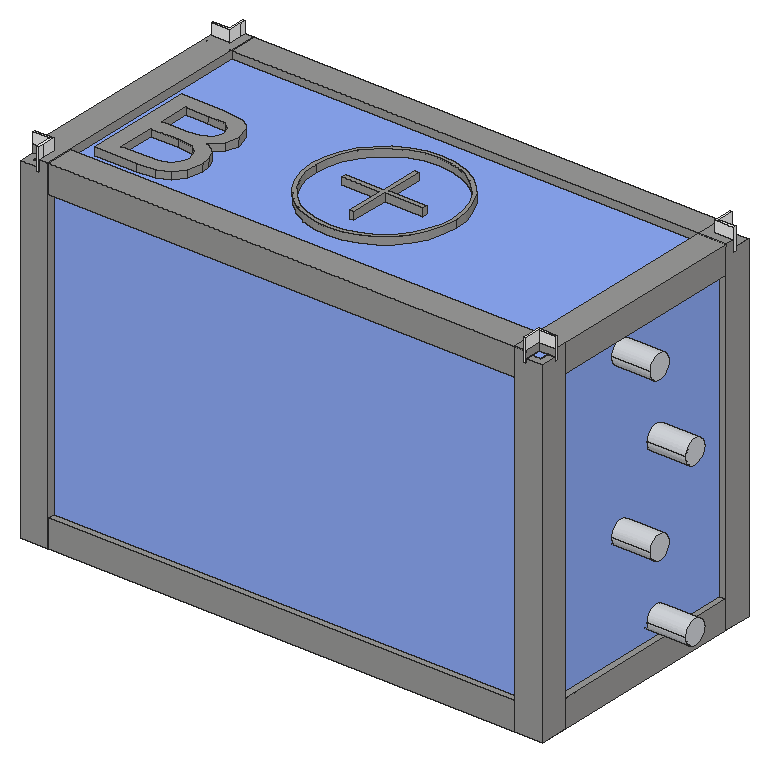
Revit family "10.1 Рекуператор с промежуточным тепл. - выт. секц UTR GLV", category Оборудование, Revit 2016
Family settings
  Тип детали = Нормальный
  Размер круглого соединителя = Использовать диаметр
  На основе рабочей плоскости = Нет
  Всегда вертикально = Да
  При загрузке вырезать с полостями = Нет
  Общий = Нет
  Точка расчета площади = Нет
Parameters (values of type "50-25")
  ширина = 500 mm
  размер В = 635 mm
  значок [instance] = yes
  высота = 250 mm
  Синий = Синий
  Заправочный объем, л = 1.00 m³
  Д1 = Д - 20 mm  # 330 mm
  Д = 350 mm
  ножки(да/нет) [instance] = no
  Г = 395 mm
  Б1 = Б - 20 mm  # 450 mm
  А1 = А - 20 mm  # 690 mm
  А = 710 mm
  высота ножек = 50 mm
  Б = 470 mm
  Частотный преобразователь [instance] = no
  Частота вращения n, об/мин = ""
  Тип, марка, обозначение = "UTR 50-25 GLV"
  Сила тока J, А = ""
  Регулятор расхода [instance] = no
  Раздел = "ОВ"
  Примечание = ""
  Позиция = ""
  Напряжение U,В = ""
  Наименование и тех.хар-ка = "Рекуператор с промежуточным теплоносителем - вытяжная секция"  # constant formula
  Мощность двигателя N,Вт = ""
  Материал = RAL 0000 Серый металл
  Масса единицы = "43"
  Код, оборудования = ""
  Ключевая пометка = "Вентиляция"
  Задание электрикам [instance] = no
  Задание автоматчикам [instance] = no
  Завод изготовитель = "KORF"  # constant formula
  Единица измерения = "шт."  # constant formula
  h = высота ножек + 10 mm  # 60 mm
  d = 31.8 mm
Types (8, lengths in mm): name | ширина | размер В | высота | Заправочный объем, л | Г | Б1 | А1 | А | Б | Тип, марка, обозначение | Материал | Масса единицы | d
  50-25 | 500 | 635 | 250 | 1.00 m³ | 395 | 450 | 690 | 710 | 470 | "UTR 50-25 GLV" | RAL 0000 Серый металл | "43" | 31.8
  50-30 | 500 | 635 | 300 | 1.30 m³ | 445 | 500 | 690 | 710 | 520 | "UTR 50-30 GLV" | Сталь серая | "46" | 38.1
  60-30 | 600 | 735 | 300 | 0.00 m³ | 445 | 500 | 790 | 810 | 520 | "UTR 60-30 GLV" | Сталь серая | "51" | 38.1
  60-35 | 600 | 735 | 350 | 1.70 m³ | 495 | 550 | 790 | 810 | 570 | "UTR 60-35 GLV" | Сталь серая | "55" | 50.8
  70-40 | 700 | 835 | 400 | 2.20 m³ | 545 | 600 | 890 | 910 | 620 | "UTR 70-40 GLV" | Сталь серая | "65" | 50.8
  80-50 | 800 | 935 | 500 | 3.20 m³ | 645 | 700 | 990 | 1010 | 720 | "UTR 80-50 GLV" | Сталь серая | "82" | 50.8
  90-50 | 900 | 1050 | 500 | 3.50 m³ | 645 | 720 | 1105 | 1125 | 740 | "UTR 90-50 GLV" | Сталь серая | "88" | 50.8
  100-50 | 1000 | 1150 | 500 | 3.80 m³ | 665 | 720 | 1205 | 1225 | 740 | "UTR 100-50 GLV" | Сталь серая | "94" | 50.8
Reference planes
  plane 1 "По центру (Вперед/Назад)": y = 0
  plane 2: z = 0
  plane 3 "По центру (Влево/Вправо)": x = 0
  plane 4: x = -345
  plane 5: x = 345
  plane 6: y = 165
  plane 7: y = -165
  plane 8: z = 510
  plane 9: z = 60
  plane 10: z = 535
  plane 11: z = 272.5
  plane 12: z = 330
  plane 13: z = 240
  plane 14: z = 110
  plane 15: z = 460
  plane 16: y = 30
  plane 17: y = -30
  plane 18: x = 398.5
  plane 19: x = -300
Forms (mm)
  Extrusion 1, solid, material "Синий" <- "Синий", detail levels fine
    sketch origin (0, 0, 50) x (1, 0, 0) y (0, 1, 0)
      loop
        line (-345, 165) -> (-345, -165) -> (345, -165) -> (345, 165) -> (-345, 165)
    from 10 to 460
  Sweep 2, solid, material "RAL 0000 Серый металл" <- "Материал", detail levels fine
    path origin (345, -165, 50) x (-1, 0, 0) y (0, 0, -1)
      loop
        line (0, -460) -> (690, -460) -> (690, -10) -> (0, -10) -> (0, -460)
    profile "Профиль уголок 10х10 : Профиль уголок 10х10" origin (0, -165, 510) x (0, 0, -1) y (0, -1, 0)
      loop
        line (0, -27.5) -> (0, 0) -> (27.5, 0) -> (27.5, 10) -> (-10, 10) -> (-10, -27.5) -> (0, -27.5)
  Sweep 3, solid, material "RAL 0000 Серый металл" <- "Материал", detail levels fine
    path origin (-345, 165, 50) x (1, 0, 0) y (0, 0, -1)
      loop
        line (0, -460) -> (690, -460) -> (690, -10) -> (0, -10) -> (0, -460)
    profile "Профиль уголок 10х10 : Профиль уголок 10х10" origin (0, 165, 510) x (0, 0, -1) y (0, 1, 0)
      loop
        line (0, -27.5) -> (0, 0) -> (27.5, 0) -> (27.5, 10) -> (-10, 10) -> (-10, -27.5) -> (0, -27.5)
  Sweep 4, solid, material "RAL 0000 Серый металл" <- "Материал", detail levels fine
    path origin (345, 165, 50) x (0, -1, 0) y (0, 0, -1)
      loop
        line (0, -460) -> (330, -460) -> (330, -10) -> (0, -10) -> (0, -460)
    profile "Профиль уголок 10х10 : Профиль уголок 10х10" origin (345, 0, 510) x (0, 0, -1) y (1, 0, 0)
      loop
        line (0, -27.5) -> (0, 0) -> (27.5, 0) -> (27.5, 10) -> (-10, 10) -> (-10, -27.5) -> (0, -27.5)
  Sweep 5, solid, material "RAL 0000 Серый металл" <- "Материал", detail levels fine
    path origin (-345, -165, 50) x (0, 1, 0) y (0, 0, -1)
      loop
        line (0, -460) -> (330, -460) -> (330, -10) -> (0, -10) -> (0, -460)
    profile "Профиль уголок 10х10 : Профиль уголок 10х10" origin (-345, 0, 510) x (0, 0, -1) y (-1, 0, 0)
      loop
        line (0, -27.5) -> (0, 0) -> (27.5, 0) -> (27.5, 10) -> (-10, 10) -> (-10, -27.5) -> (0, -27.5)
  Extrusion 6, void
    sketch origin (-345, -324.965, 60) x (0, -1, 0) y (0, 0, -1)
      loop
        line (-477.965, -475) -> (-477.965, -450) -> (-528.913, -450) -> (-528.913, -475) -> (-477.965, -475)
    from -47.452 to 12
  Extrusion 7, void, not visible
    sketch origin (-345, -245, 50) x (0, -1, 0) y (0, 0, -1)
      loop
        line (-477.965, -475) -> (-477.965, -450) -> (-528.913, -450) -> (-528.913, -475) -> (-477.965, -475)
    from -47.452 to 12
  Extrusion 8, void
    sketch origin (345, 324.965, 60) x (0, 1, 0) y (0, 0, -1)
      loop
        line (-171.965, -475) -> (-121.016, -475) -> (-121.016, -450) -> (-171.965, -450) -> (-171.965, -475)
    from -47.452 to 12
  Extrusion 9, void
    sketch origin (-345, -324.965, 60) x (0, -1, 0) y (0, 0, -1)
      loop
        line (-171.965, -475) -> (-121.016, -475) -> (-121.016, -450) -> (-171.965, -450) -> (-171.965, -475)
    from -47.452 to 12
  Extrusion 10, void
    sketch origin (345, 324.965, 60) x (0, 1, 0) y (0, 0, -1)
      loop
        line (-477.965, -475) -> (-477.965, -450) -> (-528.913, -450) -> (-528.913, -475) -> (-477.965, -475)
    from -47.452 to 12
  Extrusion 11, solid, detail levels fine
    sketch origin (0, 0, 0) x (0, 1, 0) y (0, 0, 1)
      loop
        circle (30, 330) r 15.9
      loop
        circle (-30, 240) r 15.9
      loop
        circle (30, 110) r 15.9
      loop
        circle (-30, 460) r 15.9
    from 0 to 398.5
  Extrusion 12, solid, material "RAL 0000 Серый металл" <- "Материал", visible <- "значок", detail levels fine
    sketch origin (0, 0, 0) x (1, 0, 0) y (0, 1, 0)
      loop
        circle (0, 0) r 98.232
      loop
        circle (0, 0) r 93.61
      loop
        line (-3.188, 55) -> (-3.188, 3.188) -> (-55, 3.188) -> (-55, -2.932) -> (-3.188, -2.932) -> (-3.188, -55) -> (2.932, -55) -> (2.932, -2.932) -> (55, -2.932) -> (55, 3.188) -> (2.932, 3.188) -> (2.932, 55) -> (-3.188, 55)
      loop
        line (-300, 30.372) -> (-300, -117.32) -> (-242.69, -117.32) -> (-219.018, -114.778) -> (-202.954, -107.278) -> (-192.191, -93.144) -> (-187.846, -73.294) -> (-189.437, -60.935) -> (-194.21, -50.325) -> (-201.94, -42.014) -> (-212.401, -36.551) -> (-197.419, -23.48) -> (-192.461, -6.227) -> (-198.357, 12.668) -> (-205.379, 20.515) -> (-214.655, 26.027) -> (-242.257, 30.372) -> (-300, 30.372)
      loop
        line (-278.806, -29.628) -> (-245.092, -29.628) -> (-226.752, -28.041) -> (-214.907, -21.209) -> (-210.923, -9.183) -> (-214.637, 2.86) -> (-225.274, 9.981) -> (-249, 11.91) -> (-278.806, 11.91) -> (-278.806, -29.628)
      loop
        line (-278.806, -98.859) -> (-242.293, -98.859) -> (-228.591, -98.138) -> (-216.999, -94.117) -> (-209.318, -85.914) -> (-206.308, -73.474) -> (-209.841, -59.123) -> (-221.29, -50.56) -> (-242.748, -48.09) -> (-278.806, -48.09) -> (-278.806, -98.859)
    from 510 to 520
Cuts and joins
  Extrusion 6, Extrusion 8, Extrusion 9, Extrusion 10 cuts Extrusion 1
  Extrusion 6, Extrusion 8, Extrusion 9, Extrusion 10 cuts Sweep 3
  Extrusion 6, Extrusion 8, Extrusion 9 cuts Sweep 5
  Extrusion 8, Extrusion 10 cuts Sweep 4
  Extrusion 9, Extrusion 10 cuts Sweep 2
Dimensions and locks
  equal spacing: plane 6, plane 1 "По центру (Вперед/Назад)", plane 7
  "Д1": plane 6 to plane 7
  equal spacing: plane 4, plane 3 "По центру (Влево/Вправо)", plane 5
  "А1": plane 4 to plane 5
  "h": plane 9 to level
  "Б1": plane 8 to plane 9
  locked: plane 10 to plane 8 at 25
  locked: plane 8 to plane 15 at 50
  locked: plane 8 to plane 12 at 180
  locked: plane 14 to plane 9 at 50
  locked: plane 13 to plane 9 at 180
  locked: plane 1 "По центру (Вперед/Назад)" to plane 17 at 30
  locked: plane 16 to plane 1 "По центру (Вперед/Назад)" at 30
  locked: plane 18 to plane 5 at 53.5
  cut or joined group of Sweep 2, Extrusion 9, Extrusion 10 to level = 50 mm
  plane 6 to plane 7 = 330 mm
  locked: plane 19 to plane 3 "По центру (Влево/Вправо)" at 300
  "d": diameter of Extrusion 11 sketch curve  (x4)
  aligned and locked: level to plane 2
  aligned and locked: plane 6 to Extrusion 1
  aligned and locked: plane 5 to Extrusion 1
  aligned and locked: Extrusion 1 to plane 7
  aligned and locked: Extrusion 1 to plane 4
  aligned and locked: plane 8 to Extrusion 1
  aligned and locked: Extrusion 1 to plane 9
  aligned and locked: Sweep 4 sketch curve to Extrusion 1  (x2)
  aligned and locked: Sweep 5 sketch curve to Extrusion 1  (x2)
  aligned and locked: nested 1 to Sweep 5  (x2)
  aligned and locked: nested 2 to Sweep 4
  aligned and locked: Sweep 4 to nested 2
  aligned and locked: nested 4 to Sweep 4  (x2)
  aligned and locked: Sweep 5 to nested 3
  aligned and locked: nested 3 to Sweep 5
  aligned and locked: Extrusion 6 to nested 5  (x2)
  aligned and locked: Extrusion 8 to nested 7
  aligned and locked: nested 7 to Extrusion 8
  aligned and locked: Extrusion 9 to nested 8
  aligned and locked: nested 8 to Extrusion 9
  aligned and locked: Extrusion 10 to nested 9
  aligned and locked: nested 9 to Extrusion 10
  aligned and locked: nested 8 to cut or joined group of Sweep 2, Extrusion 9, Extrusion 10  (x2)
  aligned and locked: nested 5 to cut or joined group of Sweep 3, Extrusion 6, Extrusion 8, Extrusion 9, Extrusion 10
  aligned and locked: nested 5 to cut or joined group of Sweep 5, Extrusion 6, Extrusion 8, Extrusion 9
  aligned and locked: nested 7 to cut or joined group of Sweep 4, Extrusion 8, Extrusion 10
  aligned and locked: nested 7 to cut or joined group of Sweep 3, Extrusion 6, Extrusion 8, Extrusion 9, Extrusion 10
  aligned and locked: nested 9 to cut or joined group of Sweep 2, Extrusion 9, Extrusion 10
  aligned and locked: cut or joined group of Sweep 2, Extrusion 9, Extrusion 10 to nested 9
  aligned and locked: nested 8 to plane 10
  aligned and locked: plane 10 to nested 9
  aligned and locked: plane 10 to nested 5
  aligned and locked: nested 7 to plane 10
  aligned and locked: plane 18 to Extrusion 11
  aligned and locked: cut or joined group of Sweep 3, Extrusion 6, Extrusion 8, Extrusion 9, Extrusion 10 to Extrusion 12
  aligned and locked: Extrusion 12 to plane 8
  aligned and locked: plane 9 to nested 11
  aligned and locked: Extrusion 12 to plane 19
Automatic sketch dimensions
  Extrusion 6 sketch curve to Extrusion 6 sketch curve = 50.949 mm
  Extrusion 6 sketch curve to Extrusion 6 sketch curve = 25 mm
  Extrusion 7 sketch curve to Extrusion 7 sketch curve = 50.949 mm
  Extrusion 7 sketch curve to Extrusion 7 sketch curve = 25 mm
  Extrusion 8 sketch curve to Extrusion 8 sketch curve = 50.949 mm
  Extrusion 8 sketch curve to Extrusion 8 sketch curve = 25 mm
  Extrusion 9 sketch curve to Extrusion 9 sketch curve = 50.949 mm
  Extrusion 9 sketch curve to Extrusion 9 sketch curve = 25 mm
  Extrusion 10 sketch curve to Extrusion 10 sketch curve = 50.949 mm
  Extrusion 10 sketch curve to Extrusion 10 sketch curve = 25 mm
  Extrusion 1 sketch curve to plane 4 = 0 mm
  Extrusion 1 sketch curve to plane 5 = 0 mm
  Extrusion 1 sketch curve to plane 7 = 0 mm
  Extrusion 1 sketch curve to plane 6 = 0 mm
  Sweep 2 sketch curve to Extrusion 1 = 0 mm  (x4)
  Sweep 3 sketch curve to Extrusion 1 = 0 mm  (x3)
  Extrusion 1 to Sweep 3 sketch curve = 0 mm
  Sweep 4 sketch curve to Extrusion 1 = 0 mm  (x2)
  Sweep 5 sketch curve to Extrusion 1 = 0 mm  (x2)
  Extrusion 12 sketch curve to Extrusion 12 sketch curve = 0 mm  (x3)
  Extrusion 12 sketch curve to plane 1 "По центру (Вперед/Назад)" = 3.188 mm  (x2)
  plane 1 "По центру (Вперед/Назад)" to Extrusion 12 sketch curve = 0 mm
  Extrusion 12 sketch curve to plane 3 "По центру (Влево/Вправо)" = 0 mm
  Extrusion 12 sketch curve to plane 3 "По центру (Влево/Вправо)" = 3.188 mm  (x2)
  Extrusion 12 sketch curve to Extrusion 12 sketch curve = 51.812 mm
  plane 3 "По центру (Влево/Вправо)" to Extrusion 12 sketch curve = 2.932 mm  (x2)
  Extrusion 12 sketch curve to Extrusion 12 sketch curve = 52.068 mm
  plane 17 to Extrusion 12 sketch curve = 25 mm
  Extrusion 12 sketch curve to plane 16 = 25 mm
  plane 1 "По центру (Вперед/Назад)" to Extrusion 12 sketch curve = 2.932 mm  (x2)
  plane 17 to Extrusion 12 sketch curve = 43.294 mm
  Extrusion 12 sketch curve to Extrusion 12 sketch curve = 132.846 mm
  plane 17 to Extrusion 12 sketch curve = 30.935 mm
  Extrusion 12 sketch curve to Extrusion 12 sketch curve = 1.591 mm
  plane 17 to Extrusion 12 sketch curve = 63.144 mm
  Extrusion 12 sketch curve to Extrusion 12 sketch curve = 4.345 mm
  plane 1 "По центру (Вперед/Назад)" to Extrusion 12 sketch curve = 6.227 mm
  Extrusion 12 sketch curve to Extrusion 12 sketch curve = 3.024 mm
  plane 17 to Extrusion 12 sketch curve = 20.325 mm
  Extrusion 12 sketch curve to Extrusion 12 sketch curve = 4.773 mm
  Extrusion 12 sketch curve to plane 17 = 6.52 mm
  Extrusion 12 sketch curve to Extrusion 12 sketch curve = 4.958 mm
  Extrusion 12 sketch curve to plane 1 "По центру (Вперед/Назад)" = 12.668 mm
  Extrusion 12 sketch curve to Extrusion 12 sketch curve = 5.895 mm
  plane 17 to Extrusion 12 sketch curve = 12.014 mm
  Extrusion 12 sketch curve to Extrusion 12 sketch curve = 7.73 mm
  plane 7 to Extrusion 12 sketch curve = 57.722 mm
  Extrusion 12 sketch curve to Extrusion 12 sketch curve = 10.763 mm
  plane 16 to Extrusion 12 sketch curve = 9.485 mm
  Extrusion 12 sketch curve to Extrusion 12 sketch curve = 7.022 mm
  plane 17 to Extrusion 12 sketch curve = 6.551 mm
  Extrusion 12 sketch curve to Extrusion 12 sketch curve = 10.461 mm
  plane 16 to Extrusion 12 sketch curve = 3.973 mm
  Extrusion 12 sketch curve to Extrusion 12 sketch curve = 9.276 mm
  plane 7 to Extrusion 12 sketch curve = 50.222 mm
  Extrusion 12 sketch curve to Extrusion 12 sketch curve = 16.064 mm
  Extrusion 12 sketch curve to plane 16 = 0.372 mm
  Extrusion 12 sketch curve to Extrusion 12 sketch curve = 27.602 mm
  plane 7 to Extrusion 12 sketch curve = 47.68 mm
  Extrusion 12 sketch curve to Extrusion 12 sketch curve = 23.672 mm
  plane 4 to Extrusion 12 sketch curve = 45 mm
  Extrusion 12 sketch curve to plane 1 "По центру (Вперед/Назад)" = 11.91 mm
  Extrusion 12 sketch curve to Extrusion 12 sketch curve = 21.194 mm
  Extrusion 12 sketch curve to Extrusion 12 sketch curve = 6.743 mm
  Extrusion 12 sketch curve to plane 17 = 0.372 mm
  Extrusion 12 sketch curve to Extrusion 12 sketch curve = 33.714 mm
  Extrusion 12 sketch curve to plane 17 = 1.959 mm
  Extrusion 12 sketch curve to Extrusion 12 sketch curve = 14.351 mm
  Extrusion 12 sketch curve to plane 1 "По центру (Вперед/Назад)" = 9.981 mm
  Extrusion 12 sketch curve to Extrusion 12 sketch curve = 10.619 mm
  Extrusion 12 sketch curve to plane 17 = 8.791 mm
  Extrusion 12 sketch curve to Extrusion 12 sketch curve = 11.845 mm
  Extrusion 12 sketch curve to plane 1 "По центру (Вперед/Назад)" = 2.86 mm
  Extrusion 12 sketch curve to Extrusion 12 sketch curve = 10.637 mm
  plane 1 "По центру (Вперед/Назад)" to Extrusion 12 sketch curve = 9.183 mm
  Extrusion 12 sketch curve to Extrusion 12 sketch curve = 3.714 mm
  Extrusion 12 sketch curve to Extrusion 12 sketch curve = 2.344 mm
  Extrusion 12 sketch curve to Extrusion 12 sketch curve = 0.397 mm
  Extrusion 12 sketch curve to Extrusion 12 sketch curve = 13.702 mm
  plane 17 to Extrusion 12 sketch curve = 20.56 mm
  Extrusion 12 sketch curve to Extrusion 12 sketch curve = 8.888 mm
  Extrusion 12 sketch curve to Extrusion 12 sketch curve = 11.593 mm
  plane 17 to Extrusion 12 sketch curve = 29.123 mm
  Extrusion 12 sketch curve to Extrusion 12 sketch curve = 11.448 mm
  plane 17 to Extrusion 12 sketch curve = 55.914 mm
  Extrusion 12 sketch curve to Extrusion 12 sketch curve = 7.68 mm
  plane 17 to Extrusion 12 sketch curve = 43.474 mm
  Extrusion 12 sketch curve to Extrusion 12 sketch curve = 3.011 mm
  Extrusion 12 sketch curve to Extrusion 12 sketch curve = 18.462 mm
  Extrusion 12 sketch curve to Extrusion 12 sketch curve = 0.721 mm
  Extrusion 12 sketch curve to Extrusion 12 sketch curve = 8.203 mm
  plane 17 to Extrusion 12 sketch curve = 18.09 mm
  Extrusion 11 sketch curve to plane 13 = 0 mm
  Extrusion 11 sketch curve to plane 17 = 0 mm  (x2)
  Extrusion 11 sketch curve to plane 15 = 0 mm
  Extrusion 11 sketch curve to plane 14 = 0 mm
  Extrusion 11 sketch curve to plane 16 = 0 mm  (x2)
  Extrusion 11 sketch curve to plane 12 = 0 mm
  radius of Extrusion 12 sketch curve = 98.232 mm
  radius of Extrusion 12 sketch curve = 93.61 mm
Nested families
  nested 1: "Ножка 50мм" at (-358, 178, 0), visible <- "ножки(да/нет)", type "Ножка 50мм", detail levels fine
  nested 2: "Ножка 50мм" at (358, 178, 0) x (-1, 0, 0) z (0, 0, 1), visible <- "ножки(да/нет)", type "Ножка 50мм", detail levels fine
  nested 3: "Ножка 50мм" at (-358, -178, 0), visible <- "ножки(да/нет)", type "Ножка 50мм", detail levels fine
  nested 4: "Ножка 50мм" at (358, -178, 0) x (-1, 0, 0) z (0, 0, 1), visible <- "ножки(да/нет)", type "Ножка 50мм", detail levels fine
  nested 5: "крепление 15мм" at (-330, 150, 505), type "крепление 15мм", detail levels fine
  nested 6: "крепление 15мм" at (-330, 229.965, 495), type "крепление 15мм", not visible, detail levels fine
  nested 7: "крепление 15мм" at (330, 150, 505) x (-1, 0, 0) z (0, 0, 1), type "крепление 15мм", detail levels fine
  nested 8: "крепление 15мм" at (-330, -150, 505), type "крепление 15мм", detail levels fine
  nested 9: "крепление 15мм" at (330, -150, 505) x (-1, 0, 0) z (0, 0, 1), type "крепление 15мм", detail levels fine
  nested 10: "УГО вод.нагреватель(план)" at (0, 0, 510), Ширина <- "А1", длина <- "Д1", type "УГО вентилятор", detail levels coarse
    with длина 330 mm, Ширина 690 mm
  nested 11: "УГО водонагреватель (разрез)" at (0, 0, 60) x (0, 1, 0) z (0, 0, 1), длина <- "Д1", высота <- "Б1", type "УГО водонагреватель (разрез)", detail levels medium
    with длина 330 mm, высота 450 mm, Ширина 0 mm
Connectors
  hvac at (0, -175, 285), driven by "высота", driven by "ширина"
    settings: on cut or joined group of Sweep 2, Extrusion 9, Extrusion 10, index 1, duct flow 0.0 L/s, flow factor 0, pres drop 0.0 Pa, loss coef 0, conn angle 0.00°, conn width 500 mm, conn height 250 mm, conn diameter 609.6 mm, duct sys type 28, conn prof type 1, flow config 0, flow direction 0, loss method 0, conn ref index 2, conn util no, is conn primary yes, conn desc ""
  hvac at (0, 175, 285), driven by "высота", driven by "ширина"
    settings: on cut or joined group of Sweep 3, Extrusion 6, Extrusion 8, Extrusion 9, Extrusion 10, index 2, duct flow 0.0 L/s, flow factor 0, pres drop 0.0 Pa, loss coef 0, conn angle 0.00°, conn width 500 mm, conn height 250 mm, conn diameter 609.6 mm, duct sys type 28, conn prof type 1, flow config 0, flow direction 0, loss method 0, conn ref index 1, conn util no, is conn primary no, conn desc ""
  piping at (398.5, 30, 330), diameter 31.8, driven by "d"
    settings: on Extrusion 11, index 3, connector inside diameter 609.6 mm, connector length 0 mm, flow factor 0, pipe flow 0.0 L/s, pressure drop 0.0 Pa, fitting loss kfactor 0, connector angle 0.00°, fixture units 0, engagement length 0 mm, angle of deflection 0.00°, flow configuration 0, flow direction 0, fitting loss method 0, system type 28, joint type 0, gender type 0, connector reference index -1, connector utility 0, adjustable connector no, is connector primary yes, connector description ""
  piping at (398.5, -30, 460), diameter 31.8, driven by "d"
    settings: on Extrusion 11, index 4, connector inside diameter 609.6 mm, connector length 0 mm, flow factor 0, pipe flow 0.0 L/s, pressure drop 0.0 Pa, fitting loss kfactor 0, connector angle 0.00°, fixture units 0, engagement length 0 mm, angle of deflection 0.00°, flow configuration 0, flow direction 0, fitting loss method 0, system type 28, joint type 0, gender type 0, connector reference index -1, connector utility 0, adjustable connector no, is connector primary no, connector description ""
  piping at (398.5, -30, 240), diameter 31.8, driven by "d"
    settings: on Extrusion 11, index 5, connector inside diameter 609.6 mm, connector length 0 mm, flow factor 0, pipe flow 0.0 L/s, pressure drop 0.0 Pa, fitting loss kfactor 0, connector angle 0.00°, fixture units 0, engagement length 0 mm, angle of deflection 0.00°, flow configuration 0, flow direction 0, fitting loss method 0, system type 28, joint type 0, gender type 0, connector reference index -1, connector utility 0, adjustable connector no, is connector primary no, connector description ""
  piping at (398.5, 30, 110), diameter 31.8, driven by "d"
    settings: on Extrusion 11, index 6, connector inside diameter 609.6 mm, connector length 0 mm, flow factor 0, pipe flow 0.0 L/s, pressure drop 0.0 Pa, fitting loss kfactor 0, connector angle 0.00°, fixture units 0, engagement length 0 mm, angle of deflection 0.00°, flow configuration 0, flow direction 0, fitting loss method 0, system type 28, joint type 0, gender type 0, connector reference index -1, connector utility 0, adjustable connector no, is connector primary no, connector description ""
Definition of nested family "Ножка 50мм"
  Parameters (values of type "Ножка 50мм")
    Материал ножек = none
  Reference planes
    plane 1 "По центру (Вперед/Назад)": y = 0
    plane 2: z = 0
    plane 3 "По центру (Влево/Вправо)": x = 0
  Forms (mm)
    Extrusion 1, solid, material <- "Материал ножек"
      sketch origin (0, 0, 0) x (1, 0, 0) y (0, 1, 0)
        loop
          line (0, 0) -> (0, -28) -> (3, -28) -> (3, -3) -> (28, -3) -> (28, 0) -> (0, 0)
      from 0 to 70
    Extrusion 2, solid, material <- "Материал ножек"
      sketch origin (0, 0, 0) x (1, 0, 0) y (0, 1, 0)
        loop
          line (0, 0) -> (0, -28.035) -> (28.021, -28.035) -> (28.021, 0) -> (0, 0)
      from 0 to 3
  Cuts and joins
    joined: Extrusion 1, Extrusion 2
  Dimensions and locks
    Extrusion 1 sketch curve to Extrusion 1 sketch curve = 3 mm  (x2)
    Extrusion 1 sketch curve to Extrusion 1 sketch curve = 28 mm  (x2)
    aligned and locked: level to plane 2
Definition of nested family "крепление 15мм"
  Parameters (values of type "крепление 15мм")
    Материал крепления = none
  Reference planes
    plane 1 "По центру (Вперед/Назад)": y = 0
    plane 2: z = 0
    plane 3 "По центру (Влево/Вправо)": x = 0
  Forms (mm)
    Extrusion 1, solid, material <- "Материал крепления"
      sketch origin (0, 0, 0) x (1, 0, 0) y (0, 1, 0)
        loop
          line (-25, 0) -> (0, 0) -> (0, 18.31) -> (0, 25) -> (-3, 25) -> (-3, 3) -> (-25, 3) -> (-25, 0)
      from 0 to 30
    Extrusion 2, void
      sketch origin (0, 0, 0) x (1, 0, 0) y (0, 1, 0)
        loop
          line (-3, 3) -> (-3, 54.96) -> (-58, 54.96) -> (-58, 3) -> (-3, 3)
      from 0 to 15
  Cuts and joins
    Extrusion 2 cuts Extrusion 1
  Dimensions and locks
    Extrusion 1 sketch curve to Extrusion 1 sketch curve = 3 mm  (x2)
    Extrusion 1 sketch curve to Extrusion 1 sketch curve to plane 3 "По центру (Влево/Вправо)" = 25 mm, 0 mm
    Extrusion 1 sketch curve to Extrusion 1 sketch curve = 25 mm
    aligned and locked: level to plane 2
Definition of nested family "УГО вод.нагреватель(план)"
  Parameters (values of type "УГО вентилятор")
    длина [instance] = 300 mm
    Ширина [instance] = 800 mm
    Частота вращения n, об/мин = ""
    Тип, марка, обозначение = ""
    Сила тока J, А = ""
    Раздел = "ВПИСАТЬ РАЗДЕЛ"
    Примечание = ""
    Позиция = ""
    Default Elevation = 1219.2 mm
    Напряжение U,В = ""
    Наименование и тех.хар-ка = ""
    Мощность двигателя N,Вт = ""
    Материал = none
    Масса единицы = ""
    Код, оборудования = ""
    Keynote = "ВПИСАТЬ СПЕЦИАЛЬНОСТЬ"
    Завод изготовитель = ""
    Единица измерения = ""
    Диаметр = 110 mm
  Reference planes
    plane 1 "По центру (Вперед/Назад)": y = 0
    plane 2: z = 0
    plane 3 "По центру (Влево/Вправо)": x = 0
    plane 4: y = 150
    plane 5: y = -150
    plane 6: x = -400
    plane 7: x = 400
  Lines and regions (mm)
    model lines
      curve 1: line (0, 80, 0) -> (0, -80, 0)
      curve 2: line (-80, 0, 0) -> (80, 0, 0)
      curve 3: line (-400, 150, 0) -> (400, 150, 0)
      curve 4: line (-400, -150, 0) -> (-400, 150, 0)
      curve 5: line (400, -150, 0) -> (-400, -150, 0)
      curve 6: line (400, 150, 0) -> (400, -150, 0)
      curve 7: circle (0, 0, 0) r 80 normal (0, 0, 1)
  Dimensions and locks
    "Ширина": plane 6 to plane 7
    "длина": plane 4 to plane 5
    equal spacing: plane 5, plane 1 "По центру (Вперед/Назад)", plane 4
    equal spacing: plane 6, plane 3 "По центру (Влево/Вправо)", plane 7
    aligned and locked: level to plane 2
  Automatic sketch dimensions
    plane 5 to curve 5 = 0 mm
    curve 5 to plane 6 = 0 mm
    plane 1 "По центру (Вперед/Назад)" to curve 2 = 0 mm
    curve 1 to plane 3 "По центру (Влево/Вправо)" = 0 mm
    plane 1 "По центру (Вперед/Назад)" to curve 7 = 0 mm
    curve 7 to plane 3 "По центру (Влево/Вправо)" = 0 mm
    curve 6 to plane 4 = 0 mm
    curve 6 to plane 7 = 0 mm
    curve 1 to plane 5 = 70 mm
Definition of nested family "УГО водонагреватель (разрез)"
  Parameters (values of type "УГО водонагреватель (разрез)")
    длина [instance] = 200 mm
    высота [instance] = 410 mm
    Ширина [instance] = 410 mm
    Частота вращения n, об/мин = ""
    Тип, марка, обозначение = ""
    Сила тока J, А = ""
    Раздел = ""
    Примечание = ""
    Позиция = ""
    Default Elevation = 1219.2 mm
    Напряжение U,В = ""
    Наименование и тех.хар-ка = ""
    Мощность двигателя N,Вт = ""
    Материал = none
    Масса единицы = ""
    Код, оборудования = ""
    Keynote = ""
    Завод изготовитель = ""
    Единица измерения = ""
    Диаметр = 110 mm
  Reference planes
    plane 1 "По центру (Вперед/Назад)": y = 0
    plane 2: z = 0
    plane 3 "По центру (Влево/Вправо)": x = 0
    plane 4: z = 410
    plane 5: x = 100
    plane 6: x = -100
    plane 7: z = 205
  Lines and regions (mm)
    model lines
      curve 1: line (0, 0, 255) -> (0, 0, 155)
      curve 2: line (-50, 0, 205) -> (50, 0, 205)
      curve 3: circle (0, 0, 205) r 50 normal (0, -1, 0)
      curve 4: line (-100, 0, 0) -> (100, 0, 0)
      curve 5: line (-100, 0, 410) -> (-100, 0, 0)
      curve 6: line (100, 0, 410) -> (-100, 0, 410)
      curve 7: line (100, 0, 0) -> (100, 0, 410)
  Dimensions and locks
    equal spacing: plane 5, plane 3 "По центру (Влево/Вправо)", plane 6
    "длина": plane 5 to plane 6
    "высота": plane 4 to level
    equal spacing: plane 4, plane 7, plane 2
    aligned and locked: level to plane 2
  Automatic sketch dimensions
    curve 2 to plane 7 = 0 mm
    curve 1 to plane 3 "По центру (Влево/Вправо)" = 0 mm
    curve 3 to plane 3 "По центру (Влево/Вправо)" = 0 mm
    curve 3 to plane 7 = 0 mm
    plane 3 "По центру (Влево/Вправо)" to curve 2 = 50 mm
    curve 4 to level = 0 mm
    curve 5 to plane 4 = 0 mm
    curve 5 to plane 6 = 0 mm
    curve 6 to plane 5 = 0 mm
